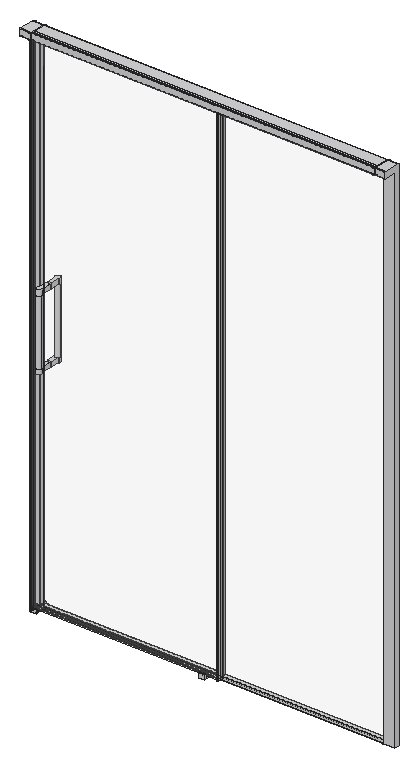
Revit family "Shower-Shower_Door-KOHLER-COMPOSED-1.1922.018_1", category Specialty Equipment, host Face, Revit 2017
Family settings
  Host = Face
  Round Connector Dimension = Use Diameter
  Part Type = Normal
  OmniClass Number = 23.31.17.17
  OmniClass Title = Shower Enclosures
  Cut with Voids When Loaded = No
  Shared = No
  Room Calculation Point = No
Parameters (values of type "Polished Chrome")
  Width [instance] = 55 1/8"
  WaterSense Certified = 1 = 0  # no
  URL = "https://www.kohler.co.uk/"
  Type = 1
  Product Page URL = ""
  Product Name = "COMPOSED"  # constant formula
  Product Documentation Link = ""
  Model = "1.1922.018"  # constant formula
  Material = "Premium Metal Construction"  # constant formula
  Master Format 2014 Name = "Shower Doors"  # constant formula
  Master Format 2014 = "10 28 19.16"  # constant formula
  Manufacturer Address = "Cromwell Road, Cheltenham, Gloucestershire. GL52 5EP Registered in England No. 252115"  # constant formula
  Manufacturer = "KOHLER Co."  # constant formula
  Length = 4.33071"  # constant formula
  Height = 78.8189"  # constant formula
  Finish = Kohler-Metal-CP-Polished_Chrome
  Environmental Product Declaration = ""
  Description = "SLIDING DOOR INLINE 1400 MM"  # constant formula
  Default Elevation = 4"
  Declare Label = ""
  Date Modified = "10/13/2021"  # constant formula
  Date Created = "10/13/2021"  # constant formula
  Copyright = "Copyright KOHLER Co."  # constant formula
  Contact Us = "https://www.kohler.co.uk/support/contact/"
  Assembly Code = "C1030200"
  ADA Compliant = 1 = 0  # no
Reference planes (in)
  plane 1 "Center (Front/Back)": y = 0
  plane 2: z = 0
  plane 3 "Center (Left/Right)": x = 0
  plane 4: z = 78.74016
  plane 5: z = 77.79528
  plane 6: z = 33.77953
  plane 7: z = 45.11811
  plane 8: x = -27.55906
  plane 9: x = -24.134
  plane 10: x = -25.98425
  plane 11: x = 27.56594
  plane 12: y = -2.35852
  plane 13: y = -1.25984
  plane 14: y = 1.25984
  plane 15: y = 1.97219
  plane 16: x = -2.28346
  plane 17: x = 25.99114
  plane 18: y = -0.35064
  plane 19: y = -0.03568
  plane 20: z = 78.8189
  plane 21: x = 1.62844
Dimensions and locks (in)
  plane 4 to plane 5 = 0.94488"
  plane 6 to level = 33.77953"
  plane 7 to plane 6 = 11.33858"
  "Width": plane 11 to plane 8
  plane 16 to plane 8 = 25.27559"
  plane 9 to plane 8 = 3.42506"
  plane 5 to level = 77.79528"
  plane 18 to plane 12 = 2.00787"
  plane 15 to plane 19 = 2.00787"
  locked: plane 17 to plane 11 at 1.5748
  plane 8 to plane 10 = 1.5748"
  "Length": plane 15 to plane 12
  plane 14 to plane 13 = 2.51969"
  "Height": plane 20 to level
  plane 4 to level = 78.74016"
  plane 8 to plane 21 = 29 3/16"
  aligned and locked: plane 2 to host face
  aligned and locked: level to host face
  aligned and locked: nested 1 to plane 3 "Center (Left/Right)"
Automatic sketch dimensions
  host sketch curve to host sketch curve = 96"  (x2)
Nested families (in)
  nested 1: "1.1922.018" at (-5.90551, 0, 0), type "1.1922.018"
Definition of nested family "1.1922.018"
  Parameters (values of type "1.1922.018")
    Width = 55.11811"
    Material = none
  Reference planes (in)
    plane 1 "Center (Front/Back)": y = 0
    plane 2: z = 0
    plane 3 "Center (Left/Right)": x = 0
    plane 4: y = 1.25984
    plane 5: y = -1.25984
    plane 6: x = -21.65354
    plane 7: x = 33.46457
    plane 8: x = 7.55906
    plane 9: x = -20.07874
    plane 10: y = 1.97219
    plane 11: y = -2.35852
    plane 12: y = -0.35064
    plane 13: y = -0.03568
    plane 14: x = -18.22849
    plane 15: z = 78.74016
    plane 16: z = 77.79528
    plane 17: z = 45.11811
    plane 18: z = 33.77953
    plane 19: x = 31.88976
    plane 20: x = 5.90551
    plane 21: z = 78.8189
  Forms (in)
    Extrusion 1, solid, material <- "Material", detail levels medium+fine
      sketch origin (0, 0, 0) x (0, 1, 0) y (0, 0, 1)
        loop
          arc (-1.22047, 78.8189) -> (-1.24831, 78.80737) -> (-1.25984, 78.77953) r 0.03937
          line (-1.25984, 78.77953) -> (-1.25984, 77.83465)
          arc (-1.25984, 77.83465) -> (-1.24831, 77.80681) -> (-1.22047, 77.79528) r 0.03937
          line (-1.22047, 77.79528) -> (0.53525, 77.79528) -> (0.53525, 0) -> (1.25984, 0) -> (1.25984, 78.77953)
          arc (1.25984, 78.77953) -> (1.24831, 78.80737) -> (1.22047, 78.8189) r 0.03937
          line (1.22047, 78.8189) -> (-1.22047, 78.8189)
      from 31.88976 to 33.46457
    Extrusion 2, solid, material <- "Material", detail levels medium+fine
      sketch origin (1.42856, 0, 0) x (0, 0, 1) y (0, -1, 0)
        loop
          arc (77.83465, 1.25984) -> (77.80681, 1.24831) -> (77.79528, 1.22047) r 0.03937
          line (77.79528, 1.22047) -> (77.79528, -1.22047)
          arc (77.79528, -1.22047) -> (77.80681, -1.24831) -> (77.83465, -1.25984) r 0.03937
          line (77.83465, -1.25984) -> (78.77953, -1.25984)
          arc (78.77953, -1.25984) -> (78.80737, -1.24831) -> (78.8189, -1.22047) r 0.03937
          line (78.8189, -1.22047) -> (78.8189, 1.22047)
          arc (78.8189, 1.22047) -> (78.80737, 1.24831) -> (78.77953, 1.25984) r 0.03937
          line (78.77953, 1.25984) -> (77.83465, 1.25984)
      from -23.0821 to -21.5073
    Extrusion 3, solid, material <- "Material", detail levels medium+fine
      sketch origin (0, 0, 0) x (1, 0, 0) y (0, 1, 0)
        loop
          arc (-21.61417, 0.63846) -> (-21.61974, 0.62428) -> (-21.63346, 0.61767) r 0.02085
          arc (-21.63346, 0.61767) -> (-21.64775, 0.61079) -> (-21.65354, 0.59602) r 0.02171
          line (-21.65354, 0.59602) -> (-21.65354, 0.56349)
          arc (-21.65354, 0.56349) -> (-21.64749, 0.54839) -> (-21.63269, 0.54164) r 0.02187
          arc (-21.63269, 0.54164) -> (-21.22991, 0.52763) -> (-20.82691, 0.52321) r 16.93887
          line (-20.82691, 0.52321) -> (-20.82691, -0.35909)
          arc (-20.82691, -0.35909) -> (-20.81342, -0.38898) -> (-20.78208, -0.39862) r 0.03984
          line (-20.78208, -0.39862) -> (-20.59034, -0.37439)
          arc (-20.59034, -0.37439) -> (-20.56645, -0.3436) -> (-20.59725, -0.31971) r 0.02756
          line (-20.59725, -0.31971) -> (-20.7606, -0.34035)
          arc (-20.7606, -0.34035) -> (-20.77944, -0.33455) -> (-20.78754, -0.3166) r 0.02394
          line (-20.78754, -0.3166) -> (-20.78754, -0.04168)
          arc (-20.78754, -0.04168) -> (-20.77949, -0.02392) -> (-20.76082, -0.01826) r 0.02362
          line (-20.76082, -0.01826) -> (-20.59826, -0.03979)
          arc (-20.59826, -0.03979) -> (-20.56732, -0.01609) -> (-20.59103, 0.01485) r 0.02756
          line (-20.59103, 0.01485) -> (-20.79542, 0.04191) -> (-20.79542, 0.52327)
          arc (-20.79542, 0.52327) -> (-20.43215, 0.52817) -> (-20.06907, 0.54087) r 16.93887
          arc (-20.06907, 0.54087) -> (-20.0424, 0.553) -> (-20.0315, 0.5802) r 0.03937
          line (-20.0315, 0.5802) -> (-20.0315, 1.2026)
          arc (-20.0315, 1.2026) -> (-20.0424, 1.22979) -> (-20.06907, 1.24193) r 0.03937
          arc (-20.06907, 1.24193) -> (-20.85089, 1.25959) -> (-21.63269, 1.24116) r 16.93887
          arc (-21.63269, 1.24116) -> (-21.64749, 1.23441) -> (-21.65354, 1.21931) r 0.02187
          line (-21.65354, 1.21931) -> (-21.65354, 1.18677)
          arc (-21.65354, 1.18677) -> (-21.64775, 1.17201) -> (-21.63346, 1.16513) r 0.02171
          arc (-21.63346, 1.16513) -> (-21.61974, 1.15852) -> (-21.61417, 1.14434) r 0.02085
          line (-21.61417, 1.14434) -> (-21.61417, 0.63846)
      from 0 to 77.79528
    Extrusion 4, solid, material <- "Material", detail levels medium+fine
      sketch origin (0, 0, 0) x (0, 1, 0) y (0, 0, 1)
        loop
          line (-0.55151, 0) -> (0.53525, 0) -> (0.53525, 0.57577)
          arc (0.53525, 0.57577) -> (0.52746, 0.59457) -> (0.50866, 0.60236) r 0.02659
          line (0.50866, 0.60236) -> (0.08257, 0.60236)
          arc (0.08257, 0.60236) -> (0.06571, 0.59538) -> (0.05873, 0.57852) r 0.02384
          line (0.05873, 0.57852) -> (0.05873, 0.54471)
          arc (0.05873, 0.54471) -> (0.0649, 0.5298) -> (0.07982, 0.52362) r 0.02109
          line (0.07982, 0.52362) -> (0.42064, 0.52362)
          arc (0.42064, 0.52362) -> (0.43616, 0.51719) -> (0.44259, 0.50168) r 0.02195
          line (0.44259, 0.50168) -> (0.44259, 0.137)
          arc (0.44259, 0.137) -> (0.43129, 0.10972) -> (0.40401, 0.09843) r 0.03858
          line (0.40401, 0.09843) -> (-0.4269, 0.09843)
          arc (-0.4269, 0.09843) -> (-0.44541, 0.10609) -> (-0.45308, 0.12461) r 0.02618
          line (-0.45308, 0.12461) -> (-0.45308, 0.58105)
          arc (-0.45308, 0.58105) -> (-0.45933, 0.59612) -> (-0.4744, 0.60236) r 0.02131
          line (-0.4744, 0.60236) -> (-0.52844, 0.60236)
          arc (-0.52844, 0.60236) -> (-0.54475, 0.59561) -> (-0.55151, 0.5793) r 0.02307
          line (-0.55151, 0.5793) -> (-0.55151, 0)
      from -20.55119 to -19.76379
    Extrusion 5, solid, material <- "Material", detail levels medium+fine
      sketch origin (0, 0, 0) x (0, 1, 0) y (0, 0, 1)
        loop
          line (1.16693, 0.02339) -> (1.16693, 0.58165)
          arc (1.16693, 0.58165) -> (1.16086, 0.5963) -> (1.14622, 0.60236) r 0.02071
          line (1.14622, 0.60236) -> (0.61574, 0.60236) -> (0.61574, 0.02343)
          arc (0.61574, 0.02343) -> (0.63937, -0.00019) -> (0.66299, 0.02343) r 0.02362
          line (0.66299, 0.02343) -> (0.66299, 0.05786)
          arc (0.66299, 0.05786) -> (0.6691, 0.07262) -> (0.68387, 0.07874) r 0.02088
          line (0.68387, 0.07874) -> (1.09896, 0.07874)
          arc (1.09896, 0.07874) -> (1.11361, 0.07267) -> (1.11968, 0.05802) r 0.02072
          line (1.11968, 0.05802) -> (1.11968, 0.02339)
          arc (1.11968, 0.02339) -> (1.1433, -0.00023) -> (1.16693, 0.02339) r 0.02362
      from -19.76379 to 31.88976
    Extrusion 6, solid, material <- "Material", detail levels medium+fine
      sketch origin (0, 0, 0) x (0, 1, 0) y (0, 0, 1)
        loop
          line (1.16693, 0.62377) -> (1.16693, 0.66823)
          arc (1.16693, 0.66823) -> (1.16112, 0.68202) -> (1.1472, 0.6875) r 0.01927
          line (1.1472, 0.6875) -> (0.41322, 0.67006) -> (0.09963, 0.66121)
          arc (0.09963, 0.66121) -> (0.08592, 0.64689) -> (0.10005, 0.63298) r 0.01411
          line (0.10005, 0.63298) -> (0.57051, 0.63386) -> (0.60201, 0.60236) -> (1.14551, 0.60236)
          arc (1.14551, 0.60236) -> (1.16065, 0.60863) -> (1.16693, 0.62377) r 0.02141
      from -20.07874 to 7.04313
    Extrusion 7, solid, material <- "Material", detail levels medium+fine
      sketch origin (0, 0, 0) x (0, 1, 0) y (0, 0, 1)
        loop
          line (-0.59786, 0) -> (0.61574, 0) -> (0.61574, 0.6752) -> (0.04143, 0.6752)
          arc (0.04143, 0.6752) -> (0.01359, 0.66367) -> (0.00206, 0.63583) r 0.03937
          line (0.00206, 0.63583) -> (0.00206, 0.1378)
          arc (0.00206, 0.1378) -> (-0.00947, 0.10996) -> (-0.03731, 0.09843) r 0.03937
          line (-0.03731, 0.09843) -> (-0.35227, 0.09843)
          arc (-0.35227, 0.09843) -> (-0.38011, 0.10996) -> (-0.39164, 0.1378) r 0.03937
          line (-0.39164, 0.1378) -> (-0.39164, 0.63583)
          arc (-0.39164, 0.63583) -> (-0.40317, 0.66367) -> (-0.43101, 0.6752) r 0.03937
          line (-0.43101, 0.6752) -> (-0.55849, 0.6752)
          arc (-0.55849, 0.6752) -> (-0.58633, 0.66367) -> (-0.59786, 0.63583) r 0.03937
          line (-0.59786, 0.63583) -> (-0.59786, 0)
      from 4.78346 to 5.64961
    Extrusion 8, solid, material <- "Material", detail levels medium+fine
      sketch origin (0, 0, 0) x (1, 0, 0) y (0, 1, 0)
        loop
          arc (7.51954, -0.34282) -> (7.51262, -0.35812) -> (7.49656, -0.363) r 0.02035
          line (7.49656, -0.363) -> (7.40184, -0.35064)
          arc (7.40184, -0.35064) -> (7.39056, -0.34036) -> (7.37614, -0.33538) r 0.03783
          line (7.37614, -0.33538) -> (7.34491, -0.3313)
          arc (7.34491, -0.3313) -> (7.31401, -0.35506) -> (7.33778, -0.38596) r 0.02756
          line (7.33778, -0.38596) -> (7.49813, -0.40688)
          arc (7.49813, -0.40688) -> (7.54335, -0.39312) -> (7.56285, -0.35006) r 0.0573
          line (7.56285, -0.35006) -> (7.56285, 0.18323)
          arc (7.56285, 0.18323) -> (7.54014, 0.32364) -> (7.47433, 0.44974) r 0.44544
          arc (7.47433, 0.44974) -> (7.43174, 0.4854) -> (7.37769, 0.49819) r 0.12061
          line (7.37769, 0.49819) -> (7.3067, 0.49819)
          arc (7.3067, 0.49819) -> (7.28307, 0.47457) -> (7.3067, 0.45094) r 0.02362
          line (7.3067, 0.45094) -> (7.37732, 0.45094)
          arc (7.37732, 0.45094) -> (7.4058, 0.44454) -> (7.42879, 0.42655) r 0.06648
          arc (7.42879, 0.42655) -> (7.49325, 0.3124) -> (7.51561, 0.18323) r 0.38438
          line (7.51561, 0.18323) -> (7.51561, 0.02575) -> (7.33654, 0.0058)
          arc (7.33654, 0.0058) -> (7.31215, -0.02501) -> (7.34318, -0.04911) r 0.02765
          line (7.34318, -0.04911) -> (7.37441, -0.04503)
          arc (7.37441, -0.04503) -> (7.38957, -0.03996) -> (7.40171, -0.02956) r 0.04168
          line (7.40171, -0.02956) -> (7.49535, -0.01734)
          arc (7.49535, -0.01734) -> (7.51225, -0.02248) -> (7.51954, -0.03858) r 0.02142
          line (7.51954, -0.03858) -> (7.51954, -0.34282)
        loop
          arc (7.08643, 1.13142) -> (7.09336, 1.14671) -> (7.10942, 1.1516) r 0.02035
          line (7.10942, 1.1516) -> (7.20414, 1.13924)
          arc (7.20414, 1.13924) -> (7.21541, 1.12896) -> (7.22984, 1.12398) r 0.03783
          line (7.22984, 1.12398) -> (7.26107, 1.1199)
          arc (7.26107, 1.1199) -> (7.29196, 1.14366) -> (7.2682, 1.17455) r 0.02756
          line (7.2682, 1.17455) -> (7.10785, 1.19548)
          arc (7.10785, 1.19548) -> (7.06262, 1.18172) -> (7.04313, 1.13866) r 0.0573
          line (7.04313, 1.13866) -> (7.04313, 0.60537)
          arc (7.04313, 0.60537) -> (7.06584, 0.46496) -> (7.13165, 0.33886) r 0.44544
          arc (7.13165, 0.33886) -> (7.17424, 0.3032) -> (7.22829, 0.29041) r 0.12061
          line (7.22829, 0.29041) -> (7.29928, 0.29041)
          arc (7.29928, 0.29041) -> (7.3229, 0.31403) -> (7.29928, 0.33765) r 0.02362
          line (7.29928, 0.33765) -> (7.22865, 0.33765)
          arc (7.22865, 0.33765) -> (7.20017, 0.34406) -> (7.17718, 0.36205) r 0.06648
          arc (7.17718, 0.36205) -> (7.11272, 0.4762) -> (7.09037, 0.60537) r 0.38438
          line (7.09037, 0.60537) -> (7.09037, 0.76285) -> (7.26944, 0.7828)
          arc (7.26944, 0.7828) -> (7.29383, 0.8136) -> (7.2628, 0.83771) r 0.02765
          line (7.2628, 0.83771) -> (7.23157, 0.83363)
          arc (7.23157, 0.83363) -> (7.21641, 0.82856) -> (7.20427, 0.81815) r 0.04168
          line (7.20427, 0.81815) -> (7.11063, 0.80593)
          arc (7.11063, 0.80593) -> (7.09372, 0.81108) -> (7.08643, 0.82718) r 0.02142
          line (7.08643, 0.82718) -> (7.08643, 1.13142)
      from 0.36643 to 77.79528
    Extrusion 9, solid, material <- "Material", detail levels medium+fine
      sketch origin (0, 0, 0) x (0, 1, 0) y (0, 0, 1)
        loop
          arc (-1.1649, 77.8382) -> (-1.15233, 77.80785) -> (-1.12198, 77.79528) r 0.04292
          line (-1.12198, 77.79528) -> (-0.48364, 77.79528)
          arc (-0.48364, 77.79528) -> (-0.45804, 77.82087) -> (-0.48364, 77.84647) r 0.0256
          line (-0.48364, 77.84647) -> (-1.08616, 77.84647) -> (-1.08616, 78.55868) -> (-0.74681, 78.55868) -> (-0.63621, 78.6693) -> (0.25573, 78.6693) -> (0.25573, 77.84646) -> (0.10897, 77.84646)
          arc (0.10897, 77.84646) -> (0.08338, 77.82087) -> (0.10897, 77.79528) r 0.02559
          line (0.10897, 77.79528) -> (1.13549, 77.79528)
          arc (1.13549, 77.79528) -> (1.16333, 77.80681) -> (1.17486, 77.83465) r 0.03937
          line (1.17486, 77.83465) -> (1.17486, 78.7008)
          arc (1.17486, 78.7008) -> (1.16333, 78.72864) -> (1.13549, 78.74017) r 0.03937
          line (1.13549, 78.74017) -> (-0.66557, 78.74017) -> (-0.77617, 78.62955) -> (-1.01238, 78.62955) -> (-1.11296, 78.73011)
          arc (-1.11296, 78.73011) -> (-1.14612, 78.73671) -> (-1.1649, 78.7086) r 0.03043
          line (-1.1649, 78.7086) -> (-1.1649, 77.8382)
      from -20.07874 to 31.88976
    Extrusion 10, solid
      sketch origin (0, 0, 0) x (1, 0, 0) y (0, 1, 0)
        loop
          line (-20.78754, -0.07505) -> (-20.78754, -0.31127) -> (-20.74817, -0.35064) -> (7.48017, -0.35064) -> (7.51954, -0.31127) -> (7.51954, -0.07505) -> (7.48017, -0.03568) -> (-20.74817, -0.03568) -> (-20.78754, -0.07505)
        loop
          line (32.48013, 0.80669) -> (32.48013, 1.04291) -> (32.44076, 1.08228) -> (7.1258, 1.08228) -> (7.08643, 1.04291) -> (7.08643, 0.80669) -> (7.1258, 0.76732) -> (32.44076, 0.76732) -> (32.48013, 0.80669)
      from 0.36643 to 78.24803
    Extrusion 11, solid, material <- "Material"
      sketch origin (0, 0, 0) x (1, 0, 0) y (0, 1, 0)
        loop
          line (-17.93321, -0.39001) -> (-18.04861, -0.39001) -> (-18.04861, 0.00369) -> (-17.93321, 0.00369) -> (-17.93321, 1.25102)
          arc (-17.93321, 1.25102) -> (-17.92474, 1.30814) -> (-17.90005, 1.36036) r 0.19685
          arc (-17.90005, 1.36036) -> (-18.22616, 1.97274) -> (-18.55622, 1.36248) r 0.3937
          arc (-18.55622, 1.36248) -> (-18.53205, 1.31071) -> (-18.52376, 1.25419) r 0.19685
          line (-18.52376, 1.25419) -> (-18.52376, 0.00369) -> (-18.40392, 0.00369) -> (-18.40392, -0.39001) -> (-18.52376, -0.39001) -> (-18.52376, -1.64052)
          arc (-18.52376, -1.64052) -> (-18.53205, -1.69704) -> (-18.55622, -1.7488) r 0.19685
          arc (-18.55622, -1.7488) -> (-18.22616, -2.35906) -> (-17.90005, -1.74668) r 0.3937
          arc (-17.90005, -1.74668) -> (-17.92474, -1.69447) -> (-17.93321, -1.63734) r 0.19685
          line (-17.93321, -1.63734) -> (-17.93321, -0.39001)
      from 44.40186 to 45.11811
    Extrusion 12, solid, material <- "Material"
      sketch origin (0, 0, 0) x (1, 0, 0) y (0, 1, 0)
        loop
          line (-17.93321, -0.39001) -> (-18.04861, -0.39001) -> (-18.04861, 0.00369) -> (-17.93321, 0.00369) -> (-17.93321, 1.25102)
          arc (-17.93321, 1.25102) -> (-17.92474, 1.30814) -> (-17.90005, 1.36036) r 0.19685
          arc (-17.90005, 1.36036) -> (-18.22616, 1.97274) -> (-18.55622, 1.36248) r 0.3937
          arc (-18.55622, 1.36248) -> (-18.53205, 1.31071) -> (-18.52376, 1.25419) r 0.19685
          line (-18.52376, 1.25419) -> (-18.52376, 0.00369) -> (-18.40392, 0.00369) -> (-18.40392, -0.39001) -> (-18.52376, -0.39001) -> (-18.52376, -1.64052)
          arc (-18.52376, -1.64052) -> (-18.53205, -1.69704) -> (-18.55622, -1.7488) r 0.19685
          arc (-18.55622, -1.7488) -> (-18.22616, -2.35906) -> (-17.90005, -1.74668) r 0.3937
          arc (-17.90005, -1.74668) -> (-17.92474, -1.69447) -> (-17.93321, -1.63734) r 0.19685
          line (-17.93321, -1.63734) -> (-17.93321, -0.39001)
      from 33.77953 to 34.4806
    Extrusion 13, solid, material <- "Material"
      sketch origin (0, 0, 0) x (1, 0, 0) y (0, 1, 0)
        loop
          circle (-18.22743, 1.57904) r 0.3937
        loop
          circle (-18.22743, -1.96536) r 0.3937
      from 34.4806 to 44.40186
    Extrusion 14, solid, material <- "Material", detail levels medium+fine
      sketch origin (0, -4.7515, 0) x (0, 1, 0) y (0, 0, 1)
        loop
          line (5.97103, 0.78803) -> (5.31384, 0.77242)
          arc (5.31384, 0.77242) -> (5.28661, 0.76057) -> (5.2754, 0.73306) r 0.03937
          line (5.2754, 0.73306) -> (5.2754, 0) -> (5.33234, 0) -> (5.33234, 0.68659) -> (5.91108, 0.70034) -> (5.91108, 0) -> (6.01134, 0) -> (6.01134, 0.74867)
          arc (6.01134, 0.74867) -> (5.99947, 0.77684) -> (5.97103, 0.78803) r 0.03937
      from -20.07874 to -19.76379
    Extrusion 15, solid, material <- "Material", detail levels coarse
      sketch origin (0, 0, 0) x (1, 0, 0) y (0, 1, 0)
        loop
          line (-21.65354, 1.25984) -> (-21.65354, -1.25984) -> (33.46457, -1.25984) -> (33.46457, 1.25984) -> (-21.65354, 1.25984)
      from 77.79528 to 78.8189
    Extrusion 16, solid, material <- "Material", detail levels coarse
      sketch origin (0, 0, 0) x (1, 0, 0) y (0, 1, 0)
        loop
          line (-21.65354, 1.25984) -> (-21.65354, -0.35466) -> (-20.07874, -0.35466) -> (-20.07874, 1.25984) -> (-21.65354, 1.25984)
        loop
          line (6.86412, 1.25984) -> (6.86412, -0.46872) -> (7.55906, -0.46872) -> (7.55906, 1.25984) -> (6.86412, 1.25984)
        loop
          line (33.46457, 1.25984) -> (31.88976, 1.25984) -> (31.88976, -0.35466) -> (33.46457, -0.35466) -> (33.46457, 1.25984)
      from 0 to 77.79528
    Extrusion 17, solid, material <- "Material", detail levels coarse
      sketch origin (1.42856, 0, 0) x (0, 0, 1) y (0, -1, 0)
        loop
          line (1.3377, -1.25984) -> (1.3377, 0.35466) -> (0, 0.35466) -> (0, -1.25984) -> (1.3377, -1.25984)
      from -23.0821 to 32.03601
  Cuts and joins
    joined: Extrusion 3, Extrusion 6, Extrusion 9
    joined: Extrusion 1, Extrusion 2
    joined: Extrusion 4, Extrusion 7, Extrusion 8
    joined: Extrusion 11, Extrusion 12, Extrusion 13
    joined: Extrusion 5, Extrusion 14
    joined: Extrusion 15, Extrusion 16, Extrusion 17
  Lines and regions (in)
    Masking region 1
      outline origin (0, 0, 0) x (1, 0, 0) y (0, 1, 0)
        loop
          line (-21.65354, 1.25984) -> (-21.65354, -1.25984) -> (-20.07874, -1.25984) -> (-20.07874, -1.1649) -> (-18.52376, -1.1649) -> (-18.52376, -1.64052)
          arc (-18.52376, -1.64052) -> (-18.53205, -1.69704) -> (-18.55622, -1.7488) r 0.19685
          arc (-18.55622, -1.7488) -> (-18.22616, -2.35906) -> (-17.90005, -1.74668) r 0.3937
          arc (-17.90005, -1.74668) -> (-17.92474, -1.69447) -> (-17.93321, -1.63734) r 0.19685
          line (-17.93321, -1.63734) -> (-17.93321, -1.1649) -> (31.88976, -1.1649) -> (31.88976, -1.25984) -> (33.46457, -1.25984) -> (33.46457, 1.25984) -> (31.88976, 1.25984) -> (31.88976, 1.17486) -> (-17.93321, 1.17486) -> (-17.93321, 1.25102)
          arc (-17.93321, 1.25102) -> (-17.92474, 1.30814) -> (-17.90005, 1.36036) r 0.19685
          arc (-17.90005, 1.36036) -> (-18.22616, 1.97274) -> (-18.55622, 1.36248) r 0.3937
          arc (-18.55622, 1.36248) -> (-18.53205, 1.31071) -> (-18.52376, 1.25419) r 0.19685
          line (-18.52376, 1.25419) -> (-18.52376, 1.17486) -> (-19.76379, 1.17486) -> (-19.76379, 1.25984) -> (-21.65354, 1.25984)
    Masking region 2
      outline origin (0, 0, 0) x (1, 0, 0) y (0, 0, 1)
        loop
          line (-21.65354, 78.8189) -> (-21.65354, 0) -> (33.46457, 0) -> (33.46457, 78.8189) -> (31.88976, 78.8189) -> (31.88976, 78.74016) -> (-20.07874, 78.74016) -> (-20.07874, 78.8189) -> (-21.65354, 78.8189)
    Masking region 3
      outline origin (1.42856, 0, 0) x (0, 0, 1) y (0, -1, 0)
        loop
          arc (77.83465, 1.25984) -> (77.80681, 1.24831) -> (77.79528, 1.22047) r 0.03937
          line (77.79528, 1.22047) -> (77.79528, 0.40688) -> (45.11811, 0.40688) -> (45.11811, 2.35852) -> (33.77953, 2.35852) -> (33.77953, 0.40688) -> (0.6752, 0.40688) -> (0.6752, 0.55849)
          arc (0.6752, 0.55849) -> (0.66367, 0.58633) -> (0.63583, 0.59786) r 0.03937
          line (0.63583, 0.59786) -> (0, 0.59786) -> (0, -1.25984) -> (33.77953, -1.25984) -> (33.77953, -1.97219) -> (45.11811, -1.97219) -> (45.11811, -1.25984) -> (78.77953, -1.25984)
          arc (78.77953, -1.25984) -> (78.80737, -1.24831) -> (78.8189, -1.22047) r 0.03937
          line (78.8189, -1.22047) -> (78.8189, 1.22047)
          arc (78.8189, 1.22047) -> (78.80737, 1.24831) -> (78.77953, 1.25984) r 0.03937
          line (78.77953, 1.25984) -> (77.83465, 1.25984)
        loop
          line (44.40186, 1.57111) -> (34.4806, 1.57111) -> (34.4806, 0.40688) -> (44.40186, 0.40688) -> (44.40186, 1.57111)
    symbolic lines, detail levels medium+fine
      curve 1: line (-20.07874, 1.25984, 0) -> (-20.07874, -1.25984, 0)
      curve 2: line (-19.76379, 1.17486, 0) -> (-20.07874, 1.17486, 0)
      curve 3: line (-17.93321, 1.17486, 0) -> (-18.52376, 1.17486, 0)
      curve 4: line (-18.52376, -1.1649, 0) -> (-17.93321, -1.1649, 0)
      curve 5: line (-20.07874, -0.66557, 0) -> (31.88976, -0.66557, 0)
      curve 6: line (-20.07874, -0.77617, 0) -> (31.88976, -0.77617, 0)
      curve 7: line (-20.07874, -1.01238, 0) -> (31.88976, -1.01238, 0)
      curve 8: line (31.88976, 1.17486, 0) -> (31.88976, -1.1649, 0)
      curve 9: circle (30.31458, 0.9058, 0) r 0.15748 normal (0, 0, 1)
      curve 10: circle (-12.02435, 0.41322, 0) r 0.23622 normal (0, 0, 1)
      curve 11: line (-20.82691, 0, 77.74804) -> (-20.82691, 0, 0.72504)
      curve 12: line (-20.56624, 0, 77.59843) -> (-20.56624, 0, 0)
      curve 13: line (-20.56624, 0, 77.59843) -> (-20.82691, 0, 77.59843)
      curve 14: line (-20.56624, 0, 0.72504) -> (-20.82691, 0, 0.72504)
      curve 15: line (-19.76379, 0, 0) -> (-19.76379, 0, 0.60236)
      curve 16: line (-20.55119, 0, 0.60236) -> (-20.55119, 0, 0)
      curve 17: line (7.56285, 0, 0.36643) -> (5.64961, 0, 0.36643)
      curve 18: line (-20.78754, 0, 0.36643) -> (-20.78754, 0, 0.72504)
      curve 19: line (-20.55119, 0, 0.60236) -> (-19.76379, 0, 0.60236)
      curve 20: line (-20.55119, 0, 0.36643) -> (-20.78754, 0, 0.36643)
      curve 21: line (4.78346, 0, 0.6752) -> (4.78346, 0, 0)
      curve 22: line (5.64961, 0, 0) -> (5.64961, 0, 0.6752)
      curve 23: line (4.78346, 0, 0.6752) -> (5.64961, 0, 0.6752)
      curve 24: line (4.78346, 0, 0.36643) -> (-19.76379, 0, 0.36643)
      curve 25: line (7.3067, 0, 0.36643) -> (7.3067, 0, 77.79528)
      curve 26: line (7.56285, 0, 0.36643) -> (7.56285, 0, 77.79528)
      curve 27: line (31.88976, 0, 0.60236) -> (7.56285, 0, 0.60236)
      curve 28: line (31.88976, 0, 78.74016) -> (31.88976, 0, 0)
      curve 29: line (-20.07874, 0, 77.79528) -> (31.88976, 0, 77.79528)
      curve 30: line (31.88976, 0, 77.70375) -> (33.46457, 0, 77.70375)
      curve 31: line (-21.65354, 0, 77.74804) -> (-20.07874, 0, 77.74804)
      curve 32: line (-20.07874, 0, 78.74016) -> (-20.07874, 0, 77.74804)
      curve 33: line (-18.62113, 0, 45.11811) -> (-17.83373, 0, 45.11811)
      curve 34: line (-18.62113, 0, 33.77953) -> (-18.62113, 0, 45.11811)
      curve 35: line (-17.83373, 0, 33.77953) -> (-18.62113, 0, 33.77953)
      curve 36: line (-17.83373, 0, 45.11811) -> (-17.83373, 0, 33.77953)
      curve 37: line (1.42856, 1.25984, 77.79528) -> (1.42856, -0.39893, 77.79528)
      curve 38: line (1.42856, 0.53525, 77.79528) -> (1.42856, 0.53525, 0)
      curve 39: line (1.42856, 1.16385, 0) -> (1.42856, 1.16385, 77.79528)
      curve 40: line (1.42856, 0.62487, 0) -> (1.42856, 0.62487, 77.79528)
      curve 41: line (1.42856, -1.74668, 44.4806) -> (1.42856, -1.74668, 45.11811)
      curve 42: line (1.42856, -1.66794, 44.40186) -> (1.42856, -1.57166, 44.40186)
      curve 43: line (1.42856, 1.36248, 44.47939) -> (1.42856, 1.36248, 45.11811)
      curve 44: line (1.42856, 1.28494, 44.40186) -> (1.42856, 1.25984, 44.40186)
      curve 45: line (1.42856, -0.40688, 44.40186) -> (1.42856, -0.40688, 45.11811)
      curve 46: line (1.42856, 1.25984, 45.11811) -> (1.42856, 1.25984, 33.77953)
      curve 47: arc (1.42856, -1.74668, 44.4806) -> (1.42856, -1.72362, 44.42492) -> (1.42856, -1.66794, 44.40186) r 0.07874
      curve 48: arc (1.42856, 1.36248, 44.47939) -> (1.42856, 1.33977, 44.42457) -> (1.42856, 1.28494, 44.40186) r 0.07753
      curve 49: line (1.42856, -1.74668, 34.41704) -> (1.42856, -1.74668, 33.77953)
      curve 50: line (1.42856, -1.66794, 34.49578) -> (1.42856, -1.57166, 34.49578)
      curve 51: line (1.42856, 1.36248, 34.38804) -> (1.42856, 1.36248, 33.77953)
      curve 52: line (1.42856, -0.40688, 34.49578) -> (1.42856, -0.40688, 33.77953)
      curve 53: arc (1.42856, -1.74668, 34.41704) -> (1.42856, -1.72362, 34.47272) -> (1.42856, -1.66794, 34.49578) r 0.07874
      curve 54: line (1.42856, 1.25984, 34.46678) -> (1.42856, 1.28374, 34.46678)
      curve 55: arc (1.42856, 1.28374, 34.46678) -> (1.42856, 1.33941, 34.44371) -> (1.42856, 1.36248, 34.38804) r 0.07874
      curve 56: line (1.42856, -0.40688, 0.6752) -> (1.42856, 0.53525, 0.6752)
      curve 57: line (1.42856, -0.55151, 0.5793) -> (1.42856, -0.55151, 0)
      curve 58: line (1.42856, -0.40688, 0.09843) -> (1.42856, -0.4269, 0.09843)
      curve 59: arc (1.42856, -0.4269, 0.09843) -> (1.42856, -0.44541, 0.10609) -> (1.42856, -0.45308, 0.12461) r 0.02618
      curve 60: line (1.42856, -0.45308, 0.12461) -> (1.42856, -0.45308, 0.58105)
      curve 61: line (1.42856, -0.4744, 0.60236) -> (1.42856, -0.52844, 0.60236)
      curve 62: arc (1.42856, -0.45308, 0.58105) -> (1.42856, -0.45933, 0.59612) -> (1.42856, -0.4744, 0.60236) r 0.02131
      curve 63: arc (1.42856, -0.52844, 0.60236) -> (1.42856, -0.54475, 0.59561) -> (1.42856, -0.55151, 0.5793) r 0.02307
      curve 64: line (1.42856, 0.08257, 0.60236) -> (1.42856, 0.50866, 0.60236)
      curve 65: arc (1.42856, 0.50866, 0.60236) -> (1.42856, 0.52746, 0.59457) -> (1.42856, 0.53525, 0.57577) r 0.02659
      curve 66: line (1.42856, -0.4269, 0.09843) -> (1.42856, 0.40401, 0.09843)
      curve 67: arc (1.42856, 0.40401, 0.09843) -> (1.42856, 0.43129, 0.10972) -> (1.42856, 0.44259, 0.137) r 0.03858
      curve 68: line (1.42856, 0.44259, 0.137) -> (1.42856, 0.44259, 0.50168)
      curve 69: arc (1.42856, 0.44259, 0.50168) -> (1.42856, 0.43616, 0.51719) -> (1.42856, 0.42064, 0.52362) r 0.02195
      curve 70: line (1.42856, 0.42064, 0.52362) -> (1.42856, 0.07982, 0.52362)
      curve 71: arc (1.42856, 0.07982, 0.52362) -> (1.42856, 0.0649, 0.5298) -> (1.42856, 0.05873, 0.54471) r 0.02109
      curve 72: line (1.42856, 0.05873, 0.54471) -> (1.42856, 0.05873, 0.57852)
      curve 73: arc (1.42856, 0.05873, 0.57852) -> (1.42856, 0.06571, 0.59538) -> (1.42856, 0.08257, 0.60236) r 0.02384
      curve 74: line (1.42856, 0.00206, 0.63583) -> (1.42856, 0.00206, 0.1378)
      curve 75: arc (1.42856, 0.04143, 0.6752) -> (1.42856, 0.01359, 0.66367) -> (1.42856, 0.00206, 0.63583) r 0.03937
      curve 76: line (1.42856, -0.39164, 0.1378) -> (1.42856, -0.39164, 0.63583)
      curve 77: arc (1.42856, -0.35227, 0.09843) -> (1.42856, -0.38011, 0.10996) -> (1.42856, -0.39164, 0.1378) r 0.03937
      curve 78: arc (1.42856, 0.00206, 0.1378) -> (1.42856, -0.00947, 0.10996) -> (1.42856, -0.03731, 0.09843) r 0.03937
      curve 79: arc (1.42856, -0.39164, 0.63583) -> (1.42856, -0.40317, 0.66367) -> (1.42856, -0.43101, 0.6752) r 0.03937
  Dimensions and locks (in)
    plane 5 to plane 4 = 2.51969"
    plane 6 to plane 7 = 55.11811"
    locked: plane 6 to plane 9 at 1.5748
    plane 11 to plane 12 = 2.00787"
    plane 10 to plane 13 = 2.00787"
    locked: plane 6 to plane 14 at 3.42506
    plane 15 to level = 78.74016"
    plane 16 to level = 77.79528"
    plane 18 to level = 33.77953"
    plane 17 to plane 18 = 11.33858"
    locked: plane 19 to plane 7 at 1.5748
    "Width": plane 7 to plane 6
    locked: plane 3 "Center (Left/Right)" to plane 6 at 21.65354
    locked: Extrusion 10 sketch curve to plane 7 at 0.98443
    plane 8 to plane 6 = 29.2126"
    locked: plane 20 to plane 6 at 27.55906
    plane 21 to level = 78.8189"
    aligned and locked: level to plane 2
    aligned and locked: Extrusion 1 to plane 7
    aligned and locked: plane 19 to Extrusion 1
    aligned and locked: Extrusion 2 to plane 6
    aligned and locked: plane 9 to Extrusion 2
    aligned and locked: plane 16 to Extrusion 3
    aligned and locked: plane 16 to Extrusion 8
    aligned and locked: Extrusion 9 to plane 9
    aligned and locked: Extrusion 9 to plane 19
    aligned and locked: Extrusion 5 to plane 19
    aligned and locked: plane 17 to Extrusion 11
    aligned and locked: Extrusion 12 to plane 18
    aligned and locked: Masking region 1 sketch curve to plane 4  (x2)
    aligned and locked: Masking region 1 sketch curve to plane 6
    aligned and locked: plane 5 to Masking region 1 sketch curve  (x2)
    aligned and locked: Masking region 1 sketch curve to plane 9
    aligned and locked: cut or joined group of Extrusion 5, Extrusion 14 to Masking region 1 sketch curve
    aligned and locked: cut or joined group of Extrusion 11, Extrusion 12, Extrusion 13 to Masking region 1 sketch curve  (x2)
    aligned and locked: Masking region 1 sketch curve to cut or joined group of Extrusion 11, Extrusion 12, Extrusion 13  (x6)
    aligned and locked: plane 7 to Masking region 1 sketch curve
    aligned and locked: plane 19 to Masking region 1 sketch curve  (x2)
    aligned and locked: curve 1 to plane 9
    aligned and locked: Masking region 1 to curve 2
    aligned and locked: Masking region 1 to curve 3
    aligned and locked: Masking region 1 to curve 4
    aligned and locked: curve 5 to cut or joined group of Extrusion 3, Extrusion 6, Extrusion 9
    aligned and locked: curve 6 to cut or joined group of Extrusion 3, Extrusion 6, Extrusion 9
    aligned and locked: curve 7 to cut or joined group of Extrusion 3, Extrusion 6, Extrusion 9
    aligned and locked: plane 19 to curve 8
    aligned and locked: Masking region 2 sketch curve to plane 6
    aligned and locked: Masking region 2 sketch curve to plane 15
    aligned and locked: plane 7 to Masking region 2 sketch curve
    aligned and locked: Masking region 2 sketch curve to level
    aligned and locked: cut or joined group of Extrusion 3, Extrusion 6, Extrusion 9 to curve 11
    aligned and locked: curve 15 to cut or joined group of Extrusion 4, Extrusion 7, Extrusion 8
    aligned and locked: curve 21 to cut or joined group of Extrusion 4, Extrusion 7, Extrusion 8
    aligned and locked: curve 22 to cut or joined group of Extrusion 4, Extrusion 7, Extrusion 8
    aligned and locked: curve 27 to cut or joined group of Extrusion 5, Extrusion 14
    aligned and locked: cut or joined group of Extrusion 1, Extrusion 2 to curve 28
    aligned and locked: curve 29 to plane 16
    aligned and locked: curve 32 to plane 9
    aligned and locked: curve 33 to cut or joined group of Extrusion 11, Extrusion 12, Extrusion 13
    aligned and locked: curve 35 to cut or joined group of Extrusion 11, Extrusion 12, Extrusion 13
    aligned and locked: curve 38 to cut or joined group of Extrusion 1, Extrusion 2
    aligned and locked: Extrusion 15 sketch curve to plane 6
    aligned and locked: plane 7 to Extrusion 15 sketch curve
    aligned and locked: Extrusion 15 to plane 16
    aligned and locked: plane 7 to Extrusion 16 sketch curve
    aligned and locked: plane 19 to Extrusion 16 sketch curve
    aligned and locked: plane 16 to Extrusion 16
    aligned and locked: Extrusion 17 to plane 6
    aligned and locked: Extrusion 17 to plane 7
    aligned and locked: plane 19 to Masking region 2 sketch curve
    aligned and locked: plane 21 to Extrusion 15
  Automatic sketch dimensions
    Extrusion 4 sketch curve to level = 0"
    plane 12 to Extrusion 4 sketch curve = 0.20087"
    Extrusion 4 sketch curve to Extrusion 4 sketch curve = 0.02307"
    Extrusion 4 sketch curve to Extrusion 4 sketch curve = 0.05405"
    Extrusion 4 sketch curve to Extrusion 4 sketch curve = 0.02131"
    Extrusion 4 sketch curve to Extrusion 4 sketch curve = 0.02618"
    Extrusion 4 sketch curve to plane 1 "Center (Front/Back)" = 0.05873"
    Extrusion 4 sketch curve to Extrusion 4 sketch curve = 0.02109"
    Extrusion 4 sketch curve to Extrusion 4 sketch curve = 0.02384"
    level to Extrusion 4 sketch curve = 0.09843"
    Extrusion 4 sketch curve to plane 1 "Center (Front/Back)" = 0.40401"
    Extrusion 4 sketch curve to Extrusion 4 sketch curve = 0.34082"
    Extrusion 4 sketch curve to Extrusion 4 sketch curve = 0.02195"
    Extrusion 4 sketch curve to Extrusion 4 sketch curve = 0.08802"
    Extrusion 4 sketch curve to Extrusion 4 sketch curve = 0.13124"
    Extrusion 4 sketch curve to Extrusion 4 sketch curve = 0.36468"
    Extrusion 4 sketch curve to Extrusion 4 sketch curve = 0.0741"
    Extrusion 4 sketch curve to Extrusion 4 sketch curve = 0.45469"
    Extrusion 5 sketch curve to plane 1 "Center (Front/Back)" = 0.61574"
    Extrusion 5 sketch curve to Extrusion 5 sketch curve = 0.02362"  (x2)
    Extrusion 5 sketch curve to Extrusion 5 sketch curve = 0.02088"
    level to Extrusion 5 sketch curve = 0.05802"
    Extrusion 5 sketch curve to plane 4 = 0.16088"
    Extrusion 5 sketch curve to Extrusion 5 sketch curve = 0.02072"
    Extrusion 5 sketch curve to Extrusion 5 sketch curve = 0.02071"
    level to Extrusion 5 sketch curve = 3/128"
    level to Extrusion 5 sketch curve = 0.02339"
    Extrusion 5 sketch curve to Extrusion 5 sketch curve = 0.50291"
    Extrusion 6 sketch curve to plane 1 "Center (Front/Back)" = 0.09963"
    Extrusion 6 sketch curve to Extrusion 6 sketch curve = 0.0004"
    Extrusion 6 sketch curve to Extrusion 6 sketch curve = 0.00003"
    Extrusion 6 sketch curve to Extrusion 6 sketch curve = 0.31358"
    Extrusion 6 sketch curve to Extrusion 6 sketch curve = 0.1573"
    Extrusion 6 sketch curve to Extrusion 6 sketch curve = 0.0315"  (x2)
    Extrusion 6 sketch curve to plane 4 = 0.11433"
    Extrusion 6 sketch curve to Extrusion 6 sketch curve = 0.00168"
    Extrusion 6 sketch curve to Extrusion 6 sketch curve = 0.00046"
    Extrusion 6 sketch curve to Extrusion 6 sketch curve = 0.01927"
    level to Extrusion 6 sketch curve = 0.60236"
    Extrusion 6 sketch curve to Extrusion 6 sketch curve = 0.03062"
    Extrusion 6 sketch curve to Extrusion 6 sketch curve = 0.01411"
    Extrusion 6 sketch curve to Extrusion 6 sketch curve = 0.04446"
    Extrusion 6 sketch curve to Extrusion 6 sketch curve = 0.0362"
    Extrusion 7 sketch curve to level = 0"
    plane 12 to Extrusion 7 sketch curve = 0.24722"
    Extrusion 7 sketch curve to Extrusion 7 sketch curve = 0.03937"
    plane 12 to Extrusion 7 sketch curve = 0.08037"
    plane 12 to Extrusion 7 sketch curve = 0.041"
    plane 12 to Extrusion 7 sketch curve = 0.00163"
    plane 13 to Extrusion 7 sketch curve = 0.00163"
    Extrusion 7 sketch curve to plane 1 "Center (Front/Back)" = 0.00206"
    Extrusion 7 sketch curve to plane 1 "Center (Front/Back)" = 0.04143"
    Extrusion 7 sketch curve to Extrusion 7 sketch curve = 0.57431"
    level to Extrusion 7 sketch curve = 0.09843"
    Extrusion 7 sketch curve to Extrusion 7 sketch curve = 0.49803"
    Extrusion 7 sketch curve to Extrusion 7 sketch curve = 0"
    plane 12 to Extrusion 8 sketch curve = 0"
    Extrusion 8 sketch curve to plane 8 = 0.51593"
    Extrusion 8 sketch curve to Extrusion 8 sketch curve = 0.04331"
    Extrusion 8 sketch curve to Extrusion 8 sketch curve = 0.00394"
    Extrusion 8 sketch curve to Extrusion 8 sketch curve = 0.014"
    Extrusion 8 sketch curve to Extrusion 8 sketch curve = 0.00635"  (x2)
    Extrusion 8 sketch curve to plane 4 = 0.06436"
    Extrusion 8 sketch curve to Extrusion 8 sketch curve = 0.00742"
    Extrusion 8 sketch curve to Extrusion 8 sketch curve = 0.02142"
    Extrusion 8 sketch curve to plane 4 = 0.10824"
    Extrusion 8 sketch curve to Extrusion 8 sketch curve = 0.00899"
    Extrusion 8 sketch curve to Extrusion 8 sketch curve = 0.00277"  (x2)
    Extrusion 8 sketch curve to plane 1 "Center (Front/Back)" = 0.18323"
    Extrusion 8 sketch curve to Extrusion 8 sketch curve = 0.02704"
    Extrusion 8 sketch curve to Extrusion 8 sketch curve = 0.01382"  (x2)
    Extrusion 8 sketch curve to plane 4 = 0.1206"
    Extrusion 8 sketch curve to Extrusion 8 sketch curve = 0.09472"
    Extrusion 8 sketch curve to Extrusion 8 sketch curve = 0.09364"
    Extrusion 8 sketch curve to Extrusion 8 sketch curve = 0.09706"
    Extrusion 8 sketch curve to Extrusion 8 sketch curve = 0.00036"  (x2)
    Extrusion 8 sketch curve to plane 4 = 0.13587"
    Extrusion 8 sketch curve to Extrusion 8 sketch curve = 0.0257"  (x2)
    Extrusion 8 sketch curve to Extrusion 8 sketch curve = 0.0273"
    Extrusion 8 sketch curve to Extrusion 8 sketch curve = 0.03059"
    Extrusion 8 sketch curve to Extrusion 8 sketch curve = 0.00539"
    Extrusion 8 sketch curve to plane 4 = 0.13994"
    Extrusion 8 sketch curve to Extrusion 8 sketch curve = 1/32"  (x4)
    Extrusion 8 sketch curve to Extrusion 8 sketch curve = 0.00357"  (x3)
    Extrusion 8 sketch curve to Extrusion 8 sketch curve = 0.00358"  (x2)
    Extrusion 8 sketch curve to plane 4 = 0.08529"
    Extrusion 8 sketch curve to Extrusion 8 sketch curve = 0.00306"  (x2)
    Extrusion 8 sketch curve to Extrusion 8 sketch curve = 0.07099"
    Extrusion 8 sketch curve to Extrusion 8 sketch curve = 0.07841"
    Extrusion 8 sketch curve to plane 1 "Center (Front/Back)" = 0.0058"
    Extrusion 8 sketch curve to plane 8 = 0.22252"
    plane 12 to Extrusion 8 sketch curve = 0.03531"
    Extrusion 8 sketch curve to plane 8 = 0.22128"
    plane 12 to Extrusion 8 sketch curve = 0.00799"
    plane 13 to Extrusion 8 sketch curve = 0.01343"
    Extrusion 8 sketch curve to plane 12 = 0.01934"
    plane 1 "Center (Front/Back)" to Extrusion 8 sketch curve = 0.0037"
    Extrusion 8 sketch curve to Extrusion 8 sketch curve = 0.03248"
    Extrusion 8 sketch curve to Extrusion 8 sketch curve = 0.0299"
    plane 13 to Extrusion 8 sketch curve = 0.00935"
    Extrusion 8 sketch curve to plane 12 = 0.01526"
    Extrusion 8 sketch curve to Extrusion 8 sketch curve = 0.07804"
    Extrusion 8 sketch curve to plane 13 = 0.00612"
    Extrusion 8 sketch curve to plane 8 = 0.08431"
    plane 1 "Center (Front/Back)" to Extrusion 8 sketch curve = 0.01734"
    Extrusion 8 sketch curve to plane 8 = 0.06371"
    plane 12 to Extrusion 8 sketch curve = 0.01236"
    Extrusion 8 sketch curve to plane 8 = 1/16"
    plane 13 to Extrusion 8 sketch curve = 0.0029"
    Extrusion 8 sketch curve to Extrusion 8 sketch curve = 0.00157"
    Extrusion 8 sketch curve to plane 12 = 1/128"
    Extrusion 8 sketch curve to plane 12 = 0.00058"
    Extrusion 8 sketch curve to plane 8 = 0.04345"
    plane 8 to Extrusion 8 sketch curve = 0.0038"
    Extrusion 8 sketch curve to plane 1 "Center (Front/Back)" = 0.02575"
    Extrusion 8 sketch curve to Extrusion 8 sketch curve = 0"  (x2)
    Extrusion 8 sketch curve to Extrusion 8 sketch curve = 0.10718"
    Extrusion 8 sketch curve to Extrusion 8 sketch curve = 0.02362"  (x2)
    Extrusion 8 sketch curve to Extrusion 8 sketch curve = 0.03992"  (x2)
    Extrusion 8 sketch curve to Extrusion 8 sketch curve = 0.00688"  (x2)
    Extrusion 8 sketch curve to Extrusion 8 sketch curve = 0.06648"
    Extrusion 8 sketch curve to Extrusion 8 sketch curve = 0.19435"
    Extrusion 8 sketch curve to Extrusion 8 sketch curve = 0.15748"
    Extrusion 8 sketch curve to Extrusion 8 sketch curve = 0.01995"
    Extrusion 8 sketch curve to Extrusion 8 sketch curve = 0.0095"
    Extrusion 8 sketch curve to Extrusion 8 sketch curve = 0.04308"
    Extrusion 8 sketch curve to Extrusion 8 sketch curve = 0.02748"
    Extrusion 8 sketch curve to Extrusion 8 sketch curve = 0.02585"
    Extrusion 11 sketch curve to plane 4 = 0.00565"
    Extrusion 11 sketch curve to plane 14 = 0.49213"  (x2)
    Extrusion 11 sketch curve to plane 1 "Center (Front/Back)" = 0.00369"  (x2)
    Extrusion 11 sketch curve to plane 14 = 0.29528"  (x2)
    plane 12 to Extrusion 11 sketch curve = 0.03937"  (x2)
    Extrusion 11 sketch curve to Extrusion 11 sketch curve = 0.11984"
    plane 14 to Extrusion 11 sketch curve = 0.00105"  (x2)
    plane 14 to Extrusion 11 sketch curve = 0.17988"
    Extrusion 11 sketch curve to Extrusion 11 sketch curve = 0.1154"
    plane 14 to Extrusion 11 sketch curve = 0.29528"
    Extrusion 11 sketch curve to plane 4 = 0.00883"
    Extrusion 11 sketch curve to Extrusion 11 sketch curve = 0.19685"  (x2)
    plane 5 to Extrusion 11 sketch curve = 0.3775"
    plane 5 to Extrusion 11 sketch curve = 0.38067"
    Extrusion 11 sketch curve to plane 11 = 0.39315"
    plane 4 to Extrusion 11 sketch curve = 0.3192"
    Extrusion 11 sketch curve to Extrusion 11 sketch curve = 0"  (x4)
    Extrusion 12 sketch curve to plane 1 "Center (Front/Back)" = 1.25419"
    Extrusion 12 sketch curve to plane 14 = 0.49213"  (x2)
    Extrusion 12 sketch curve to plane 14 = 0.29528"  (x2)
    Extrusion 12 sketch curve to Extrusion 12 sketch curve = 0.11984"
    plane 14 to Extrusion 12 sketch curve = 0.00105"  (x2)
    plane 14 to Extrusion 12 sketch curve = 0.17988"
    Extrusion 12 sketch curve to Extrusion 12 sketch curve = 0.1154"
    plane 14 to Extrusion 12 sketch curve = 0.29528"
    Extrusion 12 sketch curve to Extrusion 12 sketch curve = 0.19685"  (x2)
    Extrusion 12 sketch curve to plane 1 "Center (Front/Back)" = 1.25102"
    Extrusion 12 sketch curve to plane 5 = 1.26353"  (x2)
    Extrusion 12 sketch curve to plane 5 = 0.86983"  (x2)
    Extrusion 12 sketch curve to plane 11 = 0.72118"
    Extrusion 12 sketch curve to plane 11 = 0.718"
    Extrusion 12 sketch curve to Extrusion 12 sketch curve = 0.32484"  (x2)
    Extrusion 12 sketch curve to Extrusion 12 sketch curve = 0"  (x4)
    Extrusion 14 sketch curve to level = 0"  (x2)
    Extrusion 14 sketch curve to plane 10 = 1.44828"
    Extrusion 14 sketch curve to Extrusion 14 sketch curve = 0.05694"
    level to Extrusion 14 sketch curve = 0.77242"
    Extrusion 14 sketch curve to Extrusion 14 sketch curve = 0.0185"
    Extrusion 14 sketch curve to Extrusion 14 sketch curve = 0.01757"
    Extrusion 14 sketch curve to Extrusion 14 sketch curve = 0.57874"
    level to Extrusion 14 sketch curve = 0.70034"
    Extrusion 14 sketch curve to Extrusion 14 sketch curve = 0.59631"
    level to Extrusion 14 sketch curve = 0.78803"
    Extrusion 14 sketch curve to Extrusion 14 sketch curve = 0.05995"
    Extrusion 14 sketch curve to Extrusion 14 sketch curve = 0.00093"
    Extrusion 14 sketch curve to Extrusion 14 sketch curve = 0.10026"
    Extrusion 14 sketch curve to Extrusion 14 sketch curve = 0.04647"
    curve 2 to plane 9 = 0"
    plane 5 to curve 1 = 0"
    curve 1 to plane 4 = 0"
    curve 10 to plane 1 "Center (Front/Back)" = 0.41322"
    plane 14 to curve 10 = 6.20413"
    curve 9 to plane 4 = 0.35404"
    plane 19 to curve 9 = 1.57518"
    plane 9 to curve 2 = 0.31495"
    curve 4 to plane 14 = 0.29528"
    curve 3 to plane 14 = 0.29528"
    plane 14 to curve 3 = 0.29528"
    plane 14 to curve 4 = 0.29528"
    curve 8 to plane 5 = 0.09494"
    curve 8 to plane 4 = 0.08498"
    curve 31 to plane 6 = 0"
    curve 12 to level = 0"
    curve 16 to level = 0"
    curve 29 to plane 9 = 0"
    plane 7 to curve 30 = 0"
    curve 15 to level = 0"
    curve 22 to level = 0"
    curve 28 to level = 0"
    curve 21 to level = 0"
    curve 28 to plane 15 = 0"
    curve 32 to plane 15 = 0"
    curve 11 to curve 18 = 0.03937"
    curve 13 to curve 12 = 0.26068"
    curve 14 to curve 19 = 0.01505"
    curve 34 to plane 14 = 0.39265"
    plane 14 to curve 35 = 0.39476"
    plane 8 to curve 17 = 0.0038"
    curve 26 to curve 27 = 0.23594"
    level to curve 20 = 0.36643"
    curve 20 to curve 19 = 0.23594"
    curve 21 to curve 21 = 0.6752"
    curve 16 to curve 11 = 0.12268"
    curve 13 to plane 16 = 0.19685"
    curve 32 to plane 16 = 0.04723"
    curve 16 to curve 20 = 0"
    curve 25 to plane 8 = 0.25236"
    curve 24 to curve 15 = 0.23594"
    curve 30 to plane 16 = 0.09152"
    Extrusion 1 sketch curve to plane 5 = 0"
    Extrusion 1 sketch curve to plane 16 = 0"
    plane 15 to Extrusion 1 sketch curve = 0.07874"
    Extrusion 1 sketch curve to level = 0"
    Extrusion 1 sketch curve to plane 4 = 0"
    Extrusion 1 sketch curve to plane 5 = 0.03937"  (x2)
    Extrusion 1 sketch curve to plane 1 "Center (Front/Back)" = 0.53525"
    Extrusion 1 sketch curve to plane 4 = 0.03937"
    Extrusion 2 sketch curve to plane 16 = 0"
    Extrusion 2 sketch curve to plane 5 = 0"
    Extrusion 2 sketch curve to plane 4 = 0"
    plane 15 to Extrusion 2 sketch curve = 0.07874"
    Extrusion 2 sketch curve to Extrusion 2 sketch curve = 0.03937"
    Extrusion 2 sketch curve to plane 4 = 0.03937"  (x2)
    plane 15 to Extrusion 2 sketch curve = 0.03937"
    Extrusion 3 sketch curve to Extrusion 3 sketch curve = 0"  (x3)
    Extrusion 3 sketch curve to plane 6 = 0"  (x2)
    plane 6 to Extrusion 3 sketch curve = 0.01852"  (x2)
    plane 6 to Extrusion 3 sketch curve = 0.02171"  (x2)
    plane 6 to Extrusion 3 sketch curve = 0.02187"  (x2)
    Extrusion 3 sketch curve to Extrusion 3 sketch curve = 0.02085"
    Extrusion 3 sketch curve to plane 9 = 0.76378"  (x2)
    plane 12 to Extrusion 3 sketch curve = 0.00845"
    Extrusion 3 sketch curve to plane 9 = 0.74817"
    Extrusion 3 sketch curve to plane 1 "Center (Front/Back)" = 0.04191"
    Extrusion 3 sketch curve to Extrusion 3 sketch curve = 0.0315"
    plane 13 to Extrusion 3 sketch curve = 0.006"
    Extrusion 3 sketch curve to Extrusion 3 sketch curve = 0.00787"
    Extrusion 3 sketch curve to Extrusion 3 sketch curve = 0.03984"
    plane 12 to Extrusion 3 sketch curve = 0.04797"
    Extrusion 3 sketch curve to Extrusion 3 sketch curve = 0.02362"
    Extrusion 3 sketch curve to Extrusion 3 sketch curve = 0.02394"
    Extrusion 3 sketch curve to plane 13 = 0.01742"
    Extrusion 3 sketch curve to plane 12 = 0.01029"
    Extrusion 3 sketch curve to Extrusion 3 sketch curve = 0.003"
    plane 13 to Extrusion 3 sketch curve = 0.00411"
    Extrusion 3 sketch curve to Extrusion 3 sketch curve = 0.16256"
    Extrusion 3 sketch curve to plane 12 = 0.03093"
    Extrusion 3 sketch curve to Extrusion 3 sketch curve = 0.16336"
    plane 1 "Center (Front/Back)" to Extrusion 3 sketch curve = 0.01247"
    Extrusion 3 sketch curve to Extrusion 3 sketch curve = 0.00362"
    Extrusion 3 sketch curve to plane 12 = 0.00359"
    Extrusion 3 sketch curve to Extrusion 3 sketch curve = 0.00345"
    Extrusion 3 sketch curve to plane 1 "Center (Front/Back)" = 0.01485"
    plane 12 to Extrusion 3 sketch curve = 0.02375"
    plane 9 to Extrusion 3 sketch curve = 0.00787"  (x2)
    Extrusion 3 sketch curve to Extrusion 3 sketch curve = 0.03937"
    plane 11 to Extrusion 3 sketch curve = 13.32076"
    Extrusion 3 sketch curve to Extrusion 3 sketch curve = 0.4813"
    Extrusion 3 sketch curve to Extrusion 3 sketch curve = 0.00006"
    Extrusion 3 sketch curve to plane 1 "Center (Front/Back)" = 0.56349"
    Extrusion 3 sketch curve to plane 1 "Center (Front/Back)" = 0.5802"
    Extrusion 3 sketch curve to Extrusion 3 sketch curve = 0.03254"  (x2)
    Extrusion 3 sketch curve to Extrusion 3 sketch curve = 0.04243"  (x2)
    Extrusion 3 sketch curve to plane 4 = 0.11551"
    Extrusion 3 sketch curve to plane 4 = 0.05724"
    plane 10 to Extrusion 3 sketch curve = 15.48988"
    Extrusion 9 sketch curve to plane 16 = 0"  (x2)
    Extrusion 9 sketch curve to plane 15 = 0.03156"
    Extrusion 9 sketch curve to plane 5 = 0.09494"
    Extrusion 9 sketch curve to Extrusion 9 sketch curve = 0.03043"
    Extrusion 9 sketch curve to Extrusion 9 sketch curve = 0.04292"
    Extrusion 9 sketch curve to plane 15 = 0.01004"
    Extrusion 9 sketch curve to Extrusion 9 sketch curve = 0.04831"
    Extrusion 9 sketch curve to Extrusion 9 sketch curve = 0.07378"
    Extrusion 9 sketch curve to plane 15 = 0.11061"
    Extrusion 9 sketch curve to Extrusion 9 sketch curve = 0.23621"
    Extrusion 9 sketch curve to plane 15 = 0.18147"
    Extrusion 9 sketch curve to Extrusion 9 sketch curve = 0.02936"  (x2)
    plane 15 to Extrusion 9 sketch curve = 0"
    Extrusion 9 sketch curve to Extrusion 9 sketch curve = 0.1106"
    Extrusion 9 sketch curve to plane 15 = 0.07086"
    plane 16 to Extrusion 9 sketch curve = 0.0256"
    plane 12 to Extrusion 9 sketch curve = 0.13299"
    plane 16 to Extrusion 9 sketch curve = 0.05118"
    Extrusion 9 sketch curve to plane 1 "Center (Front/Back)" = 0.10897"
    Extrusion 9 sketch curve to Extrusion 9 sketch curve = 0.14676"
    plane 16 to Extrusion 9 sketch curve = 0.03937"
    Extrusion 9 sketch curve to plane 4 = 0.12435"
    Extrusion 9 sketch curve to plane 15 = 0.03936"
    plane 13 to Extrusion 10 sketch curve = 0"
    plane 12 to Extrusion 10 sketch curve = 0"
    Extrusion 10 sketch curve to Extrusion 10 sketch curve = 0.03937"  (x9)
    Extrusion 10 sketch curve to plane 8 = 0.03951"
    Extrusion 10 sketch curve to plane 8 = 0.43325"
    Extrusion 10 sketch curve to Extrusion 10 sketch curve = 0"  (x2)
    Extrusion 10 sketch curve to plane 9 = 0.66943"
    plane 13 to Extrusion 10 sketch curve = 0.03937"  (x2)
    Extrusion 10 sketch curve to plane 12 = 0.03937"  (x2)
    Extrusion 10 sketch curve to plane 4 = 0.49252"
    Extrusion 10 sketch curve to plane 4 = 0.21693"  (x2)
    Masking region 1 sketch curve to plane 5 = 0.09494"
    Masking region 1 sketch curve to Masking region 1 sketch curve = 0.09494"
    Masking region 1 sketch curve to Masking region 1 sketch curve = 0.08498"  (x2)
    Masking region 3 sketch curve to level = 0"
    Masking region 3 sketch curve to plane 10 = 0"
    Masking region 3 sketch curve to plane 18 = 0"  (x2)
    Masking region 3 sketch curve to plane 11 = 0"
    Masking region 3 sketch curve to plane 17 = 0"  (x2)
    Masking region 3 sketch curve to plane 16 = 0"
    Masking region 3 sketch curve to plane 5 = 0"
    Masking region 3 sketch curve to plane 4 = 0"  (x2)
    plane 15 to Masking region 3 sketch curve = 0.07874"
    plane 12 to Masking region 3 sketch curve = 0.20785"
    level to Masking region 3 sketch curve = 0.63583"
    Masking region 3 sketch curve to Masking region 3 sketch curve = 0.03937"  (x2)
    plane 12 to Masking region 3 sketch curve = 0.05624"  (x3)
    Masking region 3 sketch curve to Masking region 3 sketch curve = 0.70107"
    Masking region 3 sketch curve to plane 17 = 0.71625"
    Masking region 3 sketch curve to plane 5 = 0.03937"
    Masking region 3 sketch curve to plane 4 = 0.03937"
    plane 5 to Masking region 3 sketch curve = 0.31127"
    curve 40 to level = 0"
    curve 38 to level = 0"
    curve 39 to level = 0"
    curve 46 to plane 4 = 0"
    curve 46 to plane 18 = 0"
    curve 52 to plane 18 = 0"
    curve 51 to plane 18 = 0"
    curve 49 to plane 18 = 0"
    curve 54 to plane 4 = 0"
    curve 45 to plane 17 = 0"
    curve 41 to plane 17 = 0"
    curve 46 to plane 17 = 0"
    curve 43 to plane 17 = 0"
    curve 40 to plane 16 = 0"
    level to curve 58 = 0.09843"
    curve 59 to curve 60 = 0.02618"
    plane 12 to curve 63 = 0.1778"
    curve 59 to curve 63 = 0.45469"
    curve 63 to curve 62 = 0.00175"
    curve 62 to curve 61 = 0.02131"
    plane 4 to curve 55 = 0.02389"
    plane 18 to curve 55 = 0.60851"
    plane 18 to curve 49 = 0.63751"
    curve 55 to curve 54 = 0.07874"
    curve 53 to curve 50 = 0.07874"
    curve 42 to plane 17 = 0.71625"
    plane 4 to curve 44 = 0.0251"
    curve 44 to plane 17 = 0.71625"
    curve 44 to curve 48 = 0.07753"
    curve 42 to curve 41 = 0.07874"
    curve 37 to plane 4 = 0"
    plane 12 to curve 59 = 0.07626"
    plane 5 to curve 42 = 0.4081"
    plane 5 to curve 50 = 0.4081"
    plane 12 to curve 52 = 0.05624"
    plane 18 to curve 52 = 0.71625"
    plane 12 to curve 45 = 0.05624"
    curve 45 to curve 45 = 0.71625"
    curve 40 to curve 38 = 0.08962"
    plane 12 to curve 37 = 0.04829"
    curve 50 to curve 50 = 0.09628"
    curve 42 to curve 42 = 0.09628"
    curve 39 to plane 16 = 0"
    curve 39 to plane 4 = 0.096"
    Extrusion 15 sketch curve to plane 4 = 0"
    Extrusion 15 sketch curve to plane 5 = 0"
    Extrusion 16 sketch curve to plane 5 = 0.90519"  (x2)
    Extrusion 16 sketch curve to plane 6 = 0"
    Extrusion 16 sketch curve to plane 9 = 0"
    Extrusion 16 sketch curve to plane 4 = 0"  (x3)
    Extrusion 16 sketch curve to plane 8 = 0"
    Extrusion 16 sketch curve to Extrusion 16 sketch curve = 0.69493"
    plane 12 to Extrusion 16 sketch curve = 0.11807"
    Extrusion 17 sketch curve to level = 0"
    Extrusion 17 sketch curve to plane 4 = 0"
    level to Extrusion 17 sketch curve = 1.3377"
    plane 12 to Extrusion 17 sketch curve = 0.00402"
    curve 62 to curve 56 = 0.07283"
    plane 12 to curve 56 = 0.05624"
    curve 58 to curve 58 = 0.02002"
    curve 67 to curve 68 = 0.03858"
    curve 69 to curve 56 = 0.17352"
    curve 69 to curve 70 = 0.02195"
    curve 71 to curve 71 = 0.02109"
    curve 71 to curve 73 = 0.03381"
    curve 73 to curve 64 = 0.02384"
    curve 65 to curve 68 = 0.06607"
    curve 64 to plane 1 "Center (Front/Back)" = 0.08257"
    curve 57 to level = 0"
    curve 65 to curve 64 = 0.02659"
    curve 75 to curve 75 = 0.03937"
    curve 75 to plane 1 "Center (Front/Back)" = 0.04143"
    level to curve 74 = 0.1378"
    curve 59 to curve 76 = 0.01319"
    plane 12 to curve 77 = 0.00163"
    curve 76 to curve 56 = 0.03937"
    curve 76 to curve 79 = 0.03937"
    Masking region 2 sketch curve to plane 21 = 0"
    Masking region 2 sketch curve to plane 9 = 0"
    plane 21 to Masking region 2 sketch curve = 0"
    radius of curve 9 = 0.15748"
    radius of curve 10 = 0.23622"
